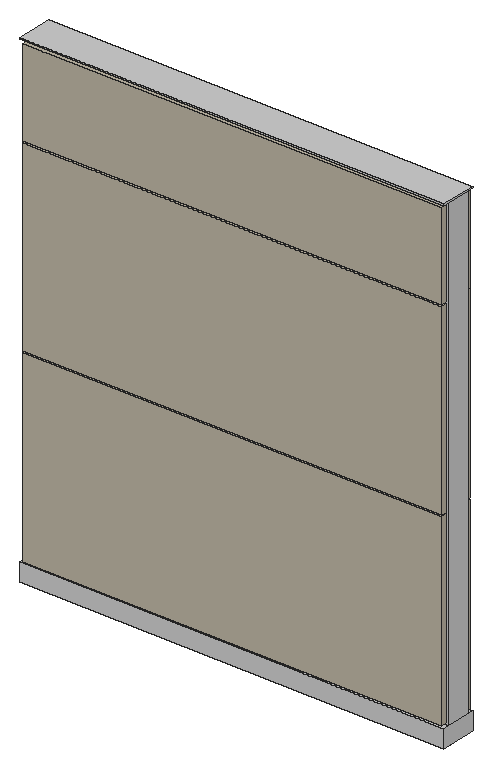
Revit family "Haworth_Compose_Panel_Solid", category Furniture Systems, Revit 2018
Family settings
  Round Connector Dimension = Use Diameter
  Part Type = Normal
  OmniClass Number = 23.40.70.14.64.21
  OmniClass Title = Systems Furniture
  Work Plane-Based = No
  Always vertical = Yes
  Cut with Voids When Loaded = No
  Shared = No
  Room Calculation Point = No
Parameters (values of type "42h 36w")
  Width = 36"
  Warranty = "http://www.haworth.com/resources/product-info/warranties"
  URL - Product = "http://www.haworth.com/products/workspaces/panel-based/compose"
  URL = "http://www.haworth.com/"
  Trim Thin Profile = yes
  Trim Finish = Haworth _ Paint _ Putty
  Trim Depth = 3"  # constant formula
  Top Trim Width = if(Trim Thin Profile, 1/8", 1/4")  # 1/8"
  Top Trim Adjuster = if(Top Trim, Top Trim Width, 0")  # 1/8"
  Top Trim = yes
  Sustainability Info = "http://media.haworth.com/asset/2999/Compose%20PEDS.pdf"
  Size = "Verify Final Dim. w/ Haworth"  # constant formula
  Revision Number = "6"  # constant formula
  Raceway Panel Width = Actual Width  # 36"
  Raceway Panel Height Front [instance] = 8"  # constant formula
  Raceway Panel Height Back [instance] = 8"  # constant formula
  Raceway Panel Depth = 1/2"  # constant formula
  Raceway Front Panel [instance] = no
  Raceway Finish = Haworth _ Paint _ Putty
  Raceway Back Panel [instance] = no
  Panel Width = Actual Width  # 36"
  Standard Panel Heights A.F.F. [instance] = "9.5, 17.5, 25.5, 33.5, 41.5, 49.5, 57.5, 65.5 in"  # constant formula
  Panel Height Note [instance] = "All Heights are A.F.F."  # constant formula
  Panel Height Front [instance] = if(Raceway Front Panel, (Actual Height - Top Trim Adjuster - Bottom Trim Width - 1/4" - Raceway Panel Height Front - 1/2"), (Actual Height - Top Trim Adjuster - 1/4" - Bottom Trim Width - 1/2"))  # 39 1/2"
  Panel Height Back [instance] = if(Raceway Back Panel, (Actual Height - Top Trim Adjuster - 1/4" - Bottom Trim Width - Raceway Panel Height Back - 1/2"), (Actual Height - Top Trim Adjuster - 1/4" - Bottom Trim Width - 1/2"))  # 39 1/2"
  Model = "VZFF"  # constant formula
  Front Panel 4 Finish [instance] = Haworth _ Fabric _ Striae _ Moonlight C1-AC
  Front Panel 3 Finish [instance] = Haworth _ Fabric _ Striae _ Moonlight C1-AC
  Front Panel 2 Finish [instance] = Haworth _ Fabric _ Striae _ Moonlight C1-AC
  Front Panel 1 Finish [instance] = Haworth _ Fabric _ Striae _ Moonlight C1-AC
  End Trim Right [instance] = no
  End Trim Left [instance] = no
  Description = "Haworth - Compose Panel Solid"  # constant formula
  Custom Size = not(and(or(Width = 18", Width = 24", Width = 30", Width = 36", Width = 42", Width = 48", Width = 54", Width = 60", Width = 66", Width = 72"), or(Height = 34", Height = 42", Height = 50", Height = 58", Height = 66", Height = 74")))  # no
  Back Panel 4 Finish [instance] = Haworth _ Fabric _ Striae _ Moonlight C1-AC
  Back Panel 3 Finish [instance] = Haworth _ Fabric _ Striae _ Moonlight C1-AC
  Panel Depth = 1/2"  # constant formula
  Back Panel 2 Finish [instance] = Haworth _ Fabric _ Striae _ Moonlight C1-AC
  Front Panel 3 Height [instance] = 41 1/2"
  Front Panel 2 Height [instance] = 33 1/2"
  Front Panel 1 Height [instance] = 17 1/2"
  Back Panel 3 Height [instance] = 41 1/2"
  Back Panel 2 Height [instance] = 33 1/2"
  Back Panel 1 Height [instance] = 17 1/2"
  Back Panel 1 Finish [instance] = Haworth _ Fabric _ Striae _ Moonlight C1-AC
  Actual Width = if(Width < Min. Width, Min. Width, if(Width > Max. Width, Max. Width, Width))  # 36"
  Actual Height = if(not(Top Trim), if(Height < Min. Height, Min. Height, if(Height > Max. Height, Max. Height, Height)) - 1/4", if(Trim Thin Profile, if(Height < Min. Height, Min. Height, if(Height > Max. Height, Max. Height, Height)) - 1/8", if(Height < Min. Height, Min. Height, if(Height > Max. Height, Max. Height, Height))))  # 41 7/8"
  Actual Front Panel 3 Height [instance] = if(not(Actual # Panels Front = 4), Actual Height - 2", if(Front Panel 3 Height < Actual Front Panel 2 Height + 8", Actual Front Panel 2 Height + 8", if(and(Actual # Panels Front = 4, Front Panel 3 Height > Actual Height - (8" + Top Trim Width)), Actual Height - (8" + Top Trim Width), Front Panel 3 Height)))  # 39 7/8"
  Actual Front Panel 2 Height [instance] = if(or(Actual # Panels Front = 2, Actual # Panels Front = 1), Actual Height - 4", if(Front Panel 2 Height < Actual Front Panel 1 Height + 8", Actual Front Panel 1 Height + 8", if(and(Actual # Panels Front = 4, Front Panel 2 Height > Actual Height - (16" + Top Trim Width)), Actual Height - (16" + Top Trim Width), if(and(Actual # Panels Front = 3, Front Panel 2 Height > Actual Height - (8" + Top Trim Width)), Actual Height - (8" + Top Trim Width), Front Panel 2 Height))))  # 33 1/2"
  Actual Front Panel 1 Height [instance] = if(Actual # Panels Front = 1, Actual Height - 8", if(Front Panel 1 Height < 8" + Offset Front, 8" + Offset Front, if(and(Actual # Panels Front = 4, Front Panel 1 Height > Actual Height - (24" + Top Trim Width)), Actual Height - (24" + Top Trim Width), if(and(Actual # Panels Front = 3, Front Panel 1 Height > Actual Height - (16" + Top Trim Width)), Actual Height - (16" + Top Trim Width), if(and(Actual # Panels Front = 2, Front Panel 1 Height > Actual Height - (8" + Top Trim Width)), Actual Height - (8" + Top Trim Width), Front Panel 1 Height)))))  # 17 1/2"
  Actual Back Panel 3 Height [instance] = if(not(Actual # Panels Back = 4), Actual Height - 2", if(Back Panel 3 Height < Actual Back Panel 2 Height + 8", Actual Back Panel 2 Height + 8", if(and(Actual # Panels Back = 4, Back Panel 3 Height > Actual Height - (8" + Top Trim Width)), Actual Height - (8" + Top Trim Width), Back Panel 3 Height)))  # 39 7/8"
  Actual Back Panel 2 Height [instance] = if(or(Actual # Panels Back = 2, Actual # Panels Back = 1), Actual Height - 4", if(Back Panel 2 Height < Actual Back Panel 1 Height + 8", Actual Back Panel 1 Height + 8", if(and(Actual # Panels Back = 4, Back Panel 2 Height > Actual Height - (16" + Top Trim Width)), Actual Height - (16" + Top Trim Width), if(and(Actual # Panels Back = 3, Back Panel 2 Height > Actual Height - (8" + Top Trim Width)), Actual Height - (8" + Top Trim Width), Back Panel 2 Height))))  # 33 1/2"
  Actual Back Panel 1 Height [instance] = if(Actual # Panels Back = 1, Actual Height - 8", if(Back Panel 1 Height < 8" + Offset Front, 8" + Offset Front, if(and(Actual # Panels Back = 4, Back Panel 1 Height > Actual Height - (24" + Top Trim Width)), Actual Height - (24" + Top Trim Width), if(and(Actual # Panels Back = 3, Back Panel 1 Height > Actual Height - (16" + Top Trim Width)), Actual Height - (16" + Top Trim Width), if(and(Actual # Panels Back = 2, Back Panel 1 Height > Actual Height - (8" + Top Trim Width)), Actual Height - (8" + Top Trim Width), Back Panel 1 Height)))))  # 17 1/2"
  Offset Front [instance] = if(Raceway Front Panel, 9 1/2", 1 1/2")  # 1 1/2"
  Offset Back [instance] = if(Raceway Back Panel, 9 1/2", 1 1/2")  # 1 1/2"
  Min/Max Width = "18-72 in. @ 6 in. Increments"  # constant formula
  Min/Max Height = "34-74 in. @ 8 in. Increments"  # constant formula
  Min. Width = 18"  # constant formula
  Max. Width = 72"  # constant formula
  Min. Height = 25"  # constant formula
  Max. Height = 163"  # constant formula
  Manufacturer = "Haworth"  # constant formula
  Height = 42"
  Variable End Trim Right [instance] = no
  Variable End Trim Left [instance] = no
  Adjacent Panel Height Right [instance] = 34"
  Adjacent Panel Height Left [instance] = 34"
  Bottom Trim Width = 1 1/2"  # constant formula
  Author = "Haworth (Hampton), SHAPE Environments, LLC"  # constant formula
  Assembly Code = "E2020500"
  Actual End Trim Right Height [instance] = if(and(Variable End Trim Right, Actual Height - Adjacent Panel Height Right < 4"), 4", if(Variable End Trim Right, Actual Height - Adjacent Panel Height Right, Actual Height - 1/2"))  # 41 3/8"
  Actual End Trim Left Height [instance] = if(and(Variable End Trim Left, Actual Height - Adjacent Panel Height Left < 4"), 4", if(Variable End Trim Left, Actual Height - Adjacent Panel Height Left, Actual Height - 1/2"))  # 41 3/8"
  Max # of Panels [instance] = 4  # constant formula
  Actual # Panels Front [instance] = if(and(# of Panels Front > 4, not(Raceway Front Panel)), 4, if(# of Panels Front < 1, 1, if(and(Raceway Front Panel, # of Panels Front > 3), 3, # of Panels Front)))  # 3
  Actual # Panels Back [instance] = if(and(# of Panels Back > 4, not(Raceway Back Panel)), 4, if(# of Panels Back < 1, 1, if(and(Raceway Front Panel, # of Panels Back > 3), 3, # of Panels Back)))  # 3
  # of Panels Front [instance] = 3
  # of Panels Back [instance] = 3
Types (7): name | Width | Raceway Panel Width | Panel Width | Panel Height Front | Panel Height Back | Custom Size | Front Panel 3 Height | Back Panel 3 Height | Actual Width | Actual Height | Actual Front Panel 3 Height | Actual Front Panel 2 Height | Actual Front Panel 1 Height | Actual Back Panel 3 Height | Actual Back Panel 2 Height | Actual Back Panel 1 Height | Height | Actual End Trim Right Height | Actual End Trim Left Height | Actual # Panels Front | Actual # Panels Back | # of Panels Front | # of Panels Back
  42h 36w | 36" | 36" | 36" | 39 1/2" | 39 1/2" | no | 41 1/2" | 41 1/2" | 36" | 41 7/8" | 39 7/8" | 33 1/2" | 17 1/2" | 39 7/8" | 33 1/2" | 17 1/2" | 42" | 41 3/8" | 41 3/8" | 3 | 3 | 3 | 3
  50h 36w | 36" | 36" | 36" | 47 1/2" | 47 1/2" | no | 49 1/2" | 49 1/2" | 36" | 49 7/8" | 47 7/8" | 33 1/2" | 17 1/2" | 47 7/8" | 33 1/2" | 17 1/2" | 50" | 49 3/8" | 49 3/8" | 3 | 3 | 3 | 3
  58h 36w | 36" | 36" | 36" | 55 1/2" | 55 1/2" | no | 49 1/2" | 49 1/2" | 36" | 57 7/8" | 49 1/2" | 33 1/2" | 17 1/2" | 49 1/2" | 33 1/2" | 17 1/2" | 58" | 57 3/8" | 57 3/8" | 4 | 4 | 4 | 4
  66h 36w | 36" | 36" | 36" | 63 1/2" | 63 1/2" | no | 49 1/2" | 49 1/2" | 36" | 65 7/8" | 49 1/2" | 33 1/2" | 17 1/2" | 49 1/2" | 33 1/2" | 17 1/2" | 66" | 65 3/8" | 65 3/8" | 4 | 4 | 4 | 4
  74h 36w | 36" | 36" | 36" | 71 1/2" | 71 1/2" | no | 49 1/2" | 49 1/2" | 36" | 73 7/8" | 49 1/2" | 33 1/2" | 17 1/2" | 49 1/2" | 33 1/2" | 17 1/2" | 74" | 73 3/8" | 73 3/8" | 4 | 4 | 4 | 4
  34h 36w | 36" | 36" | 36" | 31 1/2" | 31 1/2" | no | 49 1/2" | 49 1/2" | 36" | 33 7/8" | 31 7/8" | 29 7/8" | 17 1/2" | 31 7/8" | 29 7/8" | 17 1/2" | 34" | 33 3/8" | 33 3/8" | 2 | 2 | 2 | 2
  25h 72w | 72" | 72" | 72" | 22 1/2" | 22 1/2" | yes | 41 1/2" | 41 1/2" | 72" | 24 7/8" | 22 7/8" | 16 3/4" | 8 3/4" | 22 7/8" | 16 3/4" | 8 3/4" | 25" | 24 3/8" | 24 3/8" | 3 | 3 | 3 | 3
Reference planes (in)
  plane 1 "Center F/B": y = 0
  plane 2: z = 0.5
  plane 3 "Center L/R": x = 0.09607
  plane 4 "Left": x = -17.90393
  plane 5 "Right": x = 18.09607
  plane 6 "Top of Trim": z = 41.875
  plane 7 "Top Trim Inside": z = 41.75
  plane 8 "Front": y = -1.5
  plane 9 "Back": y = 1.5
  plane 10 "Raceway Top Front": z = 10
  plane 11 "Bottom Trim Inside": z = 2
  plane 12 "Raceway Top Back": z = 10
  plane 13 "Top of Panel": z = 41.5
  plane 14 "Top": z = 41.875
Forms (in)
  Sweep 1, solid, material "Haworth _ Paint _ Putty" <- "Trim Finish", visible <- "Top Trim"
    path origin (0, 0, 1) x (1, 0, 0) y (0, 0, 1)
      loop
        line (-17.90393, 40.875) -> (18.09607, 40.875)
    profile "Haworth_Compose - Panel_Trim : Top" origin (0.09607, 0, 41.875) x (0, 0, 1) y (0, -1, 0)
      loop
        line (0, 1.5) -> (-0.125, 1.5) -> (-0.125, -1.5) -> (0, -1.5) -> (0, 1.5)
  Sweep 2, solid, material "Haworth _ Paint _ Putty" <- "Trim Finish"
    path origin (0, 0, -48.5) x (1, 0, 0) y (0, 0, 1)
      loop
        line (-17.90393, 49) -> (18.09607, 49)
    profile "Haworth_Compose - Panel_Trim : Bottom" origin (0.09607, 0, 0.5) x (0, 0, 1) y (0, -1, 0)
      loop
        line (0, 1.5) -> (0, -1.5) -> (1.5, -1.5) -> (1.5, 1.5) -> (0, 1.5)
  Extrusion 3, solid, material "Haworth _ Paint _ Putty" <- "Trim Finish"
    sketch origin (0, 0, 0) x (1, 0, 0) y (0, 1, 0)
      loop
        line (18.09607, -1) -> (18.09607, 1) -> (-17.90393, 1) -> (-17.90393, -1) -> (18.09607, -1)
    from 0.5 to 41.75
Lines and regions (in)
  Masking region 1
    outline origin (0, 0, 0) x (1, 0, 0) y (0, 1, 0)
      loop
        line (-17.90393, 1.5) -> (-17.90393, -1.5) -> (18.09607, -1.5) -> (18.09607, 1.5) -> (-17.90393, 1.5)
  Masking region 2, visible <- "End Trim Right"
    outline origin (0, 0, 0) x (1, 0, 0) y (0, 1, 0)
      loop
        line (18.09607, 1.5) -> (18.09607, -1.5) -> (18.22107, -1.5) -> (18.22107, 1.5) -> (18.09607, 1.5)
  Masking region 3, visible <- "End Trim Left"
    outline origin (0, 0, 0) x (1, 0, 0) y (0, 1, 0)
      loop
        line (-18.02893, 1.5) -> (-18.02893, -1.5) -> (-17.90393, -1.5) -> (-17.90393, 1.5) -> (-18.02893, 1.5)
  symbolic lines, style "Haworth", detail levels medium+fine
    curve 1: line (18.09607, -1, 0) -> (-17.90393, -1, 0)
    curve 2: line (18.09607, 1, 0) -> (-17.90393, 1, 0)
Dimensions and locks (in)
  equal spacing: plane 4 "Left", plane 3 "Center L/R", plane 5 "Right"
  "Actual Width": plane 4 "Left" to plane 5 "Right"
  "Actual Height": plane 14 "Top" to level
  "Top Trim Width": plane 6 "Top of Trim" to plane 7 "Top Trim Inside"
  equal spacing: plane 9 "Back", plane 1 "Center F/B", plane 8 "Front"
  "Trim Depth": plane 9 "Back" to plane 8 "Front"
  "Bottom Trim Width": plane 11 "Bottom Trim Inside" to plane 2
  "Raceway Panel Height Front": plane 10 "Raceway Top Front" to plane 11 "Bottom Trim Inside"
  "Raceway Panel Height Back": plane 11 "Bottom Trim Inside" to plane 12 "Raceway Top Back"
  locked: plane 2 to level at 0.5
  locked: plane 7 "Top Trim Inside" to plane 13 "Top of Panel" at 0.25
  "Top Trim Width": Masking region 3 sketch curve to plane 4 "Left"
  "Top Trim Width": plane 5 "Right" to Masking region 2 sketch curve
  "Top Trim Adjuster": plane 14 "Top" to plane 7 "Top Trim Inside"
  locked: plane 4 "Left" to nested 8 at 3
  locked: nested 7 to plane 5 "Right" at 3
  aligned and locked: Sweep 1 sketch curve to plane 6 "Top of Trim"
  aligned and locked: plane 5 "Right" to Sweep 1 sketch curve
  aligned and locked: plane 4 "Left" to Sweep 1 sketch curve
  aligned: plane 3 "Center L/R" to nested 1
  aligned: plane 8 "Front" to nested 1
  aligned: plane 10 "Raceway Top Front" to nested 1  (x3)
  aligned and locked: plane 3 "Center L/R" to nested 2
  aligned and locked: nested 3 to plane 3 "Center L/R"
  aligned: nested 1 to plane 2
  aligned: plane 7 "Top Trim Inside" to nested 1
  aligned and locked: curve 1 to nested 2
  aligned and locked: plane 3 "Center L/R" to nested 1
  aligned and locked: plane 8 "Front" to nested 1
  aligned and locked: nested 4 to plane 3 "Center L/R"
  aligned and locked: plane 9 "Back" to nested 4
  aligned and locked: nested 2 to plane 11 "Bottom Trim Inside"
  aligned and locked: plane 11 "Bottom Trim Inside" to nested 3
  aligned and locked: Sweep 2 sketch curve to plane 2
  aligned and locked: plane 4 "Left" to Sweep 2 sketch curve
  aligned and locked: plane 5 "Right" to Sweep 2 sketch curve
  aligned and locked: curve 2 to nested 4
  aligned and locked: plane 4 "Left" to curve 2
  aligned and locked: plane 5 "Right" to curve 2
  aligned: plane 11 "Bottom Trim Inside" to nested 1
  aligned and locked: plane 13 "Top of Panel" to nested 1
  aligned and locked: nested 4 to plane 13 "Top of Panel"
  aligned and locked: plane 5 "Right" to Extrusion 3 sketch curve
  aligned and locked: Extrusion 3 sketch curve to plane 4 "Left"
  aligned: plane 13 "Top of Panel" to Extrusion 3
  aligned and locked: Extrusion 3 to plane 2
  aligned and locked: plane 7 "Top Trim Inside" to Extrusion 3
  aligned and locked: nested 5 to plane 5 "Right"
  aligned and locked: plane 1 "Center F/B" to nested 5
  aligned and locked: nested 6 to plane 4 "Left"
  aligned and locked: nested 6 to plane 1 "Center F/B"
  aligned and locked: nested 6 to plane 14 "Top"
  aligned and locked: plane 14 "Top" to nested 5
Automatic sketch dimensions
  Masking region 1 sketch curve to plane 4 "Left" = 0"
  Masking region 1 sketch curve to plane 5 "Right" = 0"
  Masking region 1 sketch curve to plane 8 "Front" = 0"
  Masking region 1 sketch curve to plane 9 "Back" = 0"
  Masking region 2 sketch curve to plane 5 "Right" = 0"
  Masking region 2 sketch curve to plane 9 "Back" = 0"
  Masking region 3 sketch curve to plane 4 "Left" = 0"
  Masking region 3 sketch curve to plane 8 "Front" = 0"
  plane 8 "Front" to Extrusion 3 sketch curve = 1/2"
  Extrusion 3 sketch curve to plane 9 "Back" = 1/2"
  Masking region 2 sketch curve to plane 8 "Front" = 0"
  Masking region 3 sketch curve to plane 9 "Back" = 0"
  curve 1 to plane 4 "Left" = 0"
  curve 1 to plane 5 "Right" = 0"
Nested families (in)
  nested 1: "Haworth_Parts_Compose-Panel_Tiles" at (-1.08413, -1.21976, 2), # of Panels <- "Actual # Panels Front", built-in parameter 1001364 <- "Offset Front", type "Front"
    with Actual # of Panels 3, 4 Panel no, 3 Panel yes, 2 Panel no, 1 Panel no, # of Panels 3, Actual 3H 38 3/8", Actual 2H 32", 3H 39 7/8", 2H 33 1/2", Actual Height 39 1/2"
  nested 2: "Haworth_Parts_Compose-Panel" at (-1.08413, -1.21976, 2), Panel Height <- "Raceway Panel Height Front", visible <- "Raceway Front Panel", type "Raceway Panel"
    with Panel Height 8"
  nested 3: "Haworth_Parts_Compose-Panel" at (-1.08413, 1.21976, 2), Panel Height <- "Raceway Panel Height Back", visible <- "Raceway Back Panel", type "Raceway Panel"
    with Panel Height 8"
  nested 4: "Haworth_Parts_Compose-Panel_Tiles" at (-1.08413, 1.21976, 2), # of Panels <- "Actual # Panels Back", built-in parameter 1001364 <- "Offset Back", type "Back"
    with Actual # of Panels 3, 4 Panel no, 3 Panel yes, 2 Panel no, 1 Panel no, # of Panels 3, Actual 3H 38 3/8", Actual 2H 32", 3H 39 7/8", 2H 33 1/2", Actual Height 39 1/2"
  nested 5: "Haworth_Parts_Compose-End_Trim" at (15.22107, 0, 0.5), visible <- "End Trim Right", Actual Height <- "Actual End Trim Right Height", type "Trim"
    with Actual Height 41 3/8", Trim Width 1/8", Thin Profile yes
  nested 6: "Haworth_Parts_Compose-End_Trim" at (-15.02893, 0, 0.5) x (-1, 0, 0) z (0, 0, 1), visible <- "End Trim Left", Actual Height <- "Actual End Trim Left Height", type "Trim"
    with Actual Height 41 3/8", Trim Width 1/8", Thin Profile yes
  nested 7: "Haworth_Parts_Compose-Feet" at (12.22107, 0, 0), type "Trim"
  nested 8: "Haworth_Parts_Compose-Feet" at (-17.77893, 0, 0), type "Trim"
Definition of nested family "Haworth_Parts_Compose-Panel_Tiles"
  Parameters
    URL = "www.haworth.com"
    Revision Number = "1"  # constant formula
    Revision Date = ""
    Panel Width = 36"
    Panel Depth = 1/2"
    Panel 4 Finish = none
    Offset = 1 1/2"
    Actual 3H = [3H] - Offset  # 32"
    Actual 2H = [2H] - Offset  # 24"
    Actual 1H = [1H] - Offset  # 16"
    Actual # of Panels [instance] = if(# of Panels > 4, 4, # of Panels)  # 4
    4 Panel [instance] = Actual # of Panels = 4  # yes
    3H = 33 1/2"
    Panel 3 Finish = none
    3 Panel [instance] = Actual # of Panels = 3  # no
    2H = 25 1/2"
    Panel 2 Finish = none
    2 Panel [instance] = Actual # of Panels = 2  # no
    1H = 17 1/2"
    Panel 1 Finish = none
    1 Panel [instance] = Actual # of Panels = 1  # no
    Manufacturer = "Haworth"  # constant formula
    Author = "SHAPE Environments, LLC"  # constant formula
    Assembly Code = ""
    Actual Height = 40"
    # of Panels [instance] = 4
  Reference planes (in)
    plane 1 "Center F/B": y = -0.03024
    plane 2 "Bottom": z = 0
    plane 3 "Center L/R": x = 1.1802
    plane 4 "Left": x = -16.8198
    plane 5 "Right": x = 19.1802
    plane 6 "Back": y = 0.21976
    plane 7 "Front": y = -0.28024
    plane 8 "Top": z = 40
    plane 9: z = 32
    plane 10: z = 24
    plane 11: z = 16
    plane 12 "Panel Left": x = -16.5698
    plane 13 "Panel Right": x = 18.9302
    plane 14: z = 32.125
    plane 15: z = 24.125
    plane 16: z = 16.125
    plane 17: z = 0.125
  Forms (in)
    Extrusion 1, solid, material <- "Panel 1 Finish", visible <- "2 Panel"
      sketch origin (0, -0.03024, 0) x (1, 0, 0) y (0, 0, 1)
        loop
          line (-16.5698, 16) -> (-16.5698, 0.125) -> (18.9302, 0.125) -> (18.9302, 16) -> (-16.5698, 16)
      from -0.25 to 0.25
    Extrusion 2, solid, material <- "Panel 1 Finish", visible <- "1 Panel"
      sketch origin (0, -0.03024, 0) x (1, 0, 0) y (0, 0, 1)
        loop
          line (-16.5698, 40) -> (-16.5698, 0.125) -> (18.9302, 0.125) -> (18.9302, 40) -> (-16.5698, 40)
      from -0.25 to 0.25
    Extrusion 3, solid, material <- "Panel 2 Finish", visible <- "2 Panel"
      sketch origin (0, -0.03024, 0) x (1, 0, 0) y (0, 0, 1)
        loop
          line (-16.5698, 40) -> (-16.5698, 16.125) -> (18.9302, 16.125) -> (18.9302, 40) -> (-16.5698, 40)
      from -0.25 to 0.25
    Extrusion 4, solid, material <- "Panel 1 Finish", visible <- "3 Panel"
      sketch origin (0, -0.03024, 0) x (1, 0, 0) y (0, 0, 1)
        loop
          line (-16.5698, 16) -> (-16.5698, 0.125) -> (18.9302, 0.125) -> (18.9302, 16) -> (-16.5698, 16)
      from -0.25 to 0.25
    Extrusion 5, solid, material <- "Panel 2 Finish", visible <- "3 Panel"
      sketch origin (0, -0.03024, 0) x (1, 0, 0) y (0, 0, 1)
        loop
          line (-16.5698, 24) -> (-16.5698, 16.125) -> (18.9302, 16.125) -> (18.9302, 24) -> (-16.5698, 24)
      from -0.25 to 0.25
    Extrusion 6, solid, material <- "Panel 3 Finish", visible <- "3 Panel"
      sketch origin (0, -0.03024, 0) x (1, 0, 0) y (0, 0, 1)
        loop
          line (-16.5698, 40) -> (-16.5698, 24.125) -> (18.9302, 24.125) -> (18.9302, 40) -> (-16.5698, 40)
      from -0.25 to 0.25
    Extrusion 7, solid, material <- "Panel 1 Finish", visible <- "4 Panel"
      sketch origin (0, -0.03024, 0) x (1, 0, 0) y (0, 0, 1)
        loop
          line (-16.5698, 16) -> (-16.5698, 0.125) -> (18.9302, 0.125) -> (18.9302, 16) -> (-16.5698, 16)
      from -0.25 to 0.25
    Extrusion 8, solid, material <- "Panel 2 Finish", visible <- "4 Panel"
      sketch origin (0, -0.03024, 0) x (1, 0, 0) y (0, 0, 1)
        loop
          line (-16.5698, 24) -> (-16.5698, 16.125) -> (18.9302, 16.125) -> (18.9302, 24) -> (-16.5698, 24)
      from -0.25 to 0.25
    Extrusion 9, solid, material <- "Panel 3 Finish", visible <- "4 Panel"
      sketch origin (0, -0.03024, 0) x (1, 0, 0) y (0, 0, 1)
        loop
          line (-16.5698, 32) -> (-16.5698, 24.125) -> (18.9302, 24.125) -> (18.9302, 32) -> (-16.5698, 32)
      from -0.25 to 0.25
    Extrusion 10, solid, material <- "Panel 4 Finish", visible <- "4 Panel"
      sketch origin (0, -0.03024, 0) x (1, 0, 0) y (0, 0, 1)
        loop
          line (-16.5698, 40) -> (-16.5698, 32.125) -> (18.9302, 32.125) -> (18.9302, 40) -> (-16.5698, 40)
      from -0.25 to 0.25
  Dimensions and locks (in)
    equal spacing: plane 6 "Back", plane 1 "Center F/B", plane 7 "Front"
    "Panel Depth": plane 6 "Back" to plane 7 "Front"
    equal spacing: plane 4 "Left", plane 3 "Center L/R", plane 5 "Right"
    "Panel Width": plane 4 "Left" to plane 5 "Right"
    "Actual Height": plane 8 "Top" to plane 2 "Bottom"
    "Actual 1H": plane 11 to level
    "Actual 2H": plane 10 to level
    "Actual 3H": plane 9 to level
    locked: plane 4 "Left" to plane 12 "Panel Left" at 0.25
    locked: plane 13 "Panel Right" to plane 5 "Right" at 0.25
    locked: plane 17 to level at 0.125
    locked: plane 16 to plane 11 at 0.125
    locked: plane 15 to plane 10 at 0.125
    locked: plane 14 to plane 9 at 0.125
    aligned and locked: Extrusion 1 sketch curve to plane 11
    aligned and locked: Extrusion 2 sketch curve to plane 8 "Top"
    aligned and locked: Extrusion 3 sketch curve to Extrusion 2
    aligned: Extrusion 3 to Extrusion 4 sketch curve
    aligned and locked: Extrusion 4 sketch curve to Extrusion 1
    aligned: Extrusion 1 to Extrusion 4 sketch curve
    aligned: Extrusion 4 sketch curve to Extrusion 2
    aligned and locked: Extrusion 5 sketch curve to plane 10
    aligned: Extrusion 5 sketch curve to Extrusion 3
    aligned and locked: Extrusion 6 sketch curve to Extrusion 2
    aligned: Extrusion 3 to Extrusion 7 sketch curve
    aligned and locked: Extrusion 7 sketch curve to Extrusion 1
    aligned: Extrusion 1 to Extrusion 7 sketch curve
    aligned: Extrusion 7 sketch curve to Extrusion 2
    aligned: Extrusion 6 to Extrusion 8 sketch curve
    aligned and locked: Extrusion 8 sketch curve to Extrusion 5
    aligned: Extrusion 8 sketch curve to Extrusion 3
    aligned and locked: Extrusion 9 sketch curve to plane 9
    aligned: Extrusion 9 sketch curve to Extrusion 6
    aligned and locked: Extrusion 10 sketch curve to Extrusion 2
    aligned and locked: plane 12 "Panel Left" to Extrusion 10 sketch curve
    aligned and locked: plane 14 to Extrusion 10 sketch curve
    aligned and locked: plane 13 "Panel Right" to Extrusion 10 sketch curve
    aligned and locked: plane 12 "Panel Left" to Extrusion 6 sketch curve
    aligned and locked: plane 15 to Extrusion 6 sketch curve
    aligned and locked: plane 13 "Panel Right" to Extrusion 6 sketch curve
    aligned and locked: plane 12 "Panel Left" to Extrusion 3 sketch curve
    aligned and locked: plane 13 "Panel Right" to Extrusion 3 sketch curve
    aligned and locked: plane 16 to Extrusion 3 sketch curve
    aligned and locked: plane 12 "Panel Left" to Extrusion 2 sketch curve
    aligned and locked: plane 13 "Panel Right" to Extrusion 2 sketch curve
    aligned and locked: plane 17 to Extrusion 2 sketch curve
    aligned and locked: plane 12 "Panel Left" to Extrusion 9 sketch curve
    aligned and locked: plane 15 to Extrusion 9 sketch curve
    aligned and locked: plane 12 "Panel Left" to Extrusion 5 sketch curve
    aligned and locked: plane 16 to Extrusion 5 sketch curve
    aligned and locked: plane 12 "Panel Left" to Extrusion 1 sketch curve
    aligned and locked: plane 13 "Panel Right" to Extrusion 1 sketch curve
    aligned and locked: plane 16 to Extrusion 8 sketch curve
  Automatic sketch dimensions
    Extrusion 8 sketch curve to plane 12 "Panel Left" = 0"
    plane 13 "Panel Right" to Extrusion 9 sketch curve = 0"
    Extrusion 4 sketch curve to plane 12 "Panel Left" = 0"
    Extrusion 7 sketch curve to plane 12 "Panel Left" = 0"
    plane 13 "Panel Right" to Extrusion 5 sketch curve = 0"
    plane 13 "Panel Right" to Extrusion 8 sketch curve = 0"
    plane 13 "Panel Right" to Extrusion 4 sketch curve = 0"
    plane 13 "Panel Right" to Extrusion 7 sketch curve = 0"
    Extrusion 1 sketch curve to plane 17 = 0"
    Extrusion 4 sketch curve to plane 17 = 0"
    Extrusion 7 sketch curve to plane 17 = 0"
Definition of nested family "Haworth_Parts_Compose-Panel"
  Parameters
    URL = "www.haworth.com"
    Revision Number = "1"  # constant formula
    Revision Date = ""
    Panel Width = 36"
    Panel Height [instance] = 48"
    Panel Finish = none
    Panel Depth = 1/2"
    Manufacturer = "Haworth"  # constant formula
    Author = "SHAPE Environments, LLC"  # constant formula
    Assembly Code = ""
  Reference planes (in)
    plane 1 "Center F/B": y = -0.03024
    plane 2: z = 0
    plane 3 "Center L/R": x = 1.1802
    plane 4 "Left": x = -16.8198
    plane 5 "Right": x = 19.1802
    plane 6 "Back": y = 0.21976
    plane 7 "Front": y = -0.28024
    plane 8 "Top": z = 48
  Forms (in)
    Extrusion 1, solid, material <- "Panel Finish"
      sketch origin (0, -0.03024, 0) x (1, 0, 0) y (0, 0, 1)
        loop
          line (-16.8198, 48) -> (-16.8198, 0) -> (19.1802, 0) -> (19.1802, 48) -> (-16.8198, 48)
      from -0.25 to 0.25
  Dimensions and locks (in)
    "Panel Height": plane 8 "Top" to level
    equal spacing: plane 6 "Back", plane 1 "Center F/B", plane 7 "Front"
    "Panel Depth": plane 6 "Back" to plane 7 "Front"
    equal spacing: plane 4 "Left", plane 3 "Center L/R", plane 5 "Right"
    "Panel Width": plane 4 "Left" to plane 5 "Right"
    aligned and locked: plane 4 "Left" to Extrusion 1 sketch curve
    aligned and locked: Extrusion 1 sketch curve to plane 8 "Top"
    aligned and locked: level to Extrusion 1 sketch curve
    aligned and locked: Extrusion 1 sketch curve to plane 5 "Right"
    aligned and locked: plane 6 "Back" to Extrusion 1
    aligned and locked: Extrusion 1 to plane 7 "Front"
Definition of nested family "Haworth_Parts_Compose-End_Trim"
  Parameters
    Warranty = ""
    URL - Product = ""
    URL = "www.haworth.com"
    Trim Width = if(Thin Profile, 1/8", 1/4")  # 1/4"
    Thin Profile = no
    Sustainability Info = ""
    Description = ""
    Size = "Verify Final Dim. w/ Haworth"  # constant formula
    Revision Number = "1"  # constant formula
    Material Options = ""
    Manufacturer = "Haworth"  # constant formula
    LEED Data = ""
    Trim Finish = none
    Author = "SHAPE Environments, LLC"  # constant formula
    Assembly Code = ""
    Actual Height [instance] = 42"
    Actual Depth = 3"  # constant formula
  Reference planes (in)
    plane 1 "Center F/B": y = 0
    plane 2: z = 0
    plane 3 "Back": y = 1.5
    plane 4 "Front": y = -1.5
    plane 5 "Right": x = 3
    plane 6 "Top": z = 42
    plane 7 "Left": x = 2.75
  Forms (in)
    Extrusion 1, solid, material <- "Trim Finish"
      sketch origin (-1.5, 0, 0) x (1, 0, 0) y (0, 1, 0)
        loop
          line (4.25, 1.5) -> (4.25, -1.5) -> (4.5, -1.5) -> (4.5, 1.5) -> (4.25, 1.5)
      from 0 to 42
  Dimensions and locks (in)
    equal spacing: plane 3 "Back", plane 1 "Center F/B", plane 4 "Front"
    "Actual Depth": plane 3 "Back" to plane 4 "Front"
    "Actual Height": plane 6 "Top" to level
    "Trim Width": plane 7 "Left" to plane 5 "Right"
    aligned and locked: Extrusion 1 sketch curve to plane 3 "Back"
    aligned and locked: plane 4 "Front" to Extrusion 1 sketch curve
    aligned: Extrusion 1 sketch curve to plane 5 "Right"
    aligned: plane 6 "Top" to Extrusion 1  (x4)
    aligned and locked: plane 5 "Right" to Extrusion 1
    aligned and locked: Extrusion 1 sketch curve to plane 7 "Left"
    aligned and locked: Extrusion 1 to plane 2
    aligned and locked: plane 6 "Top" to Extrusion 1
    aligned and locked: level to plane 2
Definition of nested family "Haworth_Parts_Compose-Feet"
  Parameters
    Warranty = ""
    URL - Product = ""
    URL = "www.haworth.com"
    Sustainability Info = ""
    Description = "Compose Post"
    Size = "Verify Final Dim. w/ Haworth"  # constant formula
    Revision Number = "1"  # constant formula
    Material Options = ""
    Manufacturer = "Haworth"  # constant formula
    LEED Data = ""
    Trim Finish = none
    Author = "SHAPE Environments, LLC"  # constant formula
    Assembly Code = ""
  Reference planes (in)
    plane 1 "Center F/B": y = 0
    plane 2: z = 0.5
    plane 3 "Center": x = 2.875
  Forms (in)
    Extrusion 1, solid, material <- "Trim Finish"
      sketch origin (0, 0, 0) x (1, 0, 0) y (0, 1, 0)
        loop
          circle (2.875, 0) r 0.5
      from 0 to 0.5
  Dimensions and locks (in)
    aligned and locked: plane 2 to Extrusion 1
Types in the file's own list only (54): name | Width | Raceway Panel Width | Panel Width | Actual Width | Actual Height | Height
  34h 18w | 18" | 18" | 18" | 18" | 33 7/8" | 34"
  34h 24w | 24" | 24" | 24" | 24" | 33 7/8" | 34"
  34h 30w | 30" | 30" | 30" | 30" | 33 7/8" | 34"
  34h 42w | 42" | 42" | 42" | 42" | 33 7/8" | 34"
  34h 48w | 48" | 48" | 48" | 48" | 33 7/8" | 34"
  34h 54w | 54" | 54" | 54" | 54" | 33 7/8" | 34"
  34h 60w | 60" | 60" | 60" | 60" | 33 7/8" | 34"
  34h 66w | 66" | 66" | 66" | 66" | 33 7/8" | 34"
  34h 72w | 72" | 72" | 72" | 72" | 33 7/8" | 34"
  42h 18w | 18" | 18" | 18" | 18" | 41 7/8" | 42"
  42h 24w | 24" | 24" | 24" | 24" | 41 7/8" | 42"
  42h 30w | 30" | 30" | 30" | 30" | 41 7/8" | 42"
  42h 42w | 42" | 42" | 42" | 42" | 41 7/8" | 42"
  42h 48w | 48" | 48" | 48" | 48" | 41 7/8" | 42"
  42h 54w | 54" | 54" | 54" | 54" | 41 7/8" | 42"
  42h 60w | 60" | 60" | 60" | 60" | 41 7/8" | 42"
  42h 66w | 66" | 66" | 66" | 66" | 41 7/8" | 42"
  42h 72w | 72" | 72" | 72" | 72" | 41 7/8" | 42"
  50h 18w | 18" | 18" | 18" | 18" | 49 7/8" | 50"
  50h 24w | 24" | 24" | 24" | 24" | 49 7/8" | 50"
  50h 30w | 30" | 30" | 30" | 30" | 49 7/8" | 50"
  50h 42w | 42" | 42" | 42" | 42" | 49 7/8" | 50"
  50h 48w | 48" | 48" | 48" | 48" | 49 7/8" | 50"
  50h 54w | 54" | 54" | 54" | 54" | 49 7/8" | 50"
  50h 60w | 60" | 60" | 60" | 60" | 49 7/8" | 50"
  50h 66w | 66" | 66" | 66" | 66" | 49 7/8" | 50"
  50h 72w | 72" | 72" | 72" | 72" | 49 7/8" | 50"
  58h 18w | 18" | 18" | 18" | 18" | 57 7/8" | 58"
  58h 24w | 24" | 24" | 24" | 24" | 57 7/8" | 58"
  58h 30w | 30" | 30" | 30" | 30" | 57 7/8" | 58"
  58h 42w | 42" | 42" | 42" | 42" | 57 7/8" | 58"
  58h 48w | 48" | 48" | 48" | 48" | 57 7/8" | 58"
  58h 54w | 54" | 54" | 54" | 54" | 57 7/8" | 58"
  58h 60w | 60" | 60" | 60" | 60" | 57 7/8" | 58"
  58h 66w | 66" | 66" | 66" | 66" | 57 7/8" | 58"
  58h 72w | 72" | 72" | 72" | 72" | 57 7/8" | 58"
  66h 18w | 18" | 18" | 18" | 18" | 65 7/8" | 66"
  66h 24w | 24" | 24" | 24" | 24" | 65 7/8" | 66"
  66h 30w | 30" | 30" | 30" | 30" | 65 7/8" | 66"
  66h 42w | 42" | 42" | 42" | 42" | 65 7/8" | 66"
  66h 48w | 48" | 48" | 48" | 48" | 65 7/8" | 66"
  66h 54w | 54" | 54" | 54" | 54" | 65 7/8" | 66"
  66h 60w | 60" | 60" | 60" | 60" | 65 7/8" | 66"
  66h 66w | 66" | 66" | 66" | 66" | 65 7/8" | 66"
  66h 72w | 72" | 72" | 72" | 72" | 65 7/8" | 66"
  74h 18w | 18" | 18" | 18" | 18" | 73 7/8" | 74"
  74h 24w | 24" | 24" | 24" | 24" | 73 7/8" | 74"
  74h 30w | 30" | 30" | 30" | 30" | 73 7/8" | 74"
  74h 42w | 42" | 42" | 42" | 42" | 73 7/8" | 74"
  74h 48w | 48" | 48" | 48" | 48" | 73 7/8" | 74"
  74h 54w | 54" | 54" | 54" | 54" | 73 7/8" | 74"
  74h 60w | 60" | 60" | 60" | 60" | 73 7/8" | 74"
  74h 66w | 66" | 66" | 66" | 66" | 73 7/8" | 74"
  74h 72w | 72" | 72" | 72" | 72" | 73 7/8" | 74"
